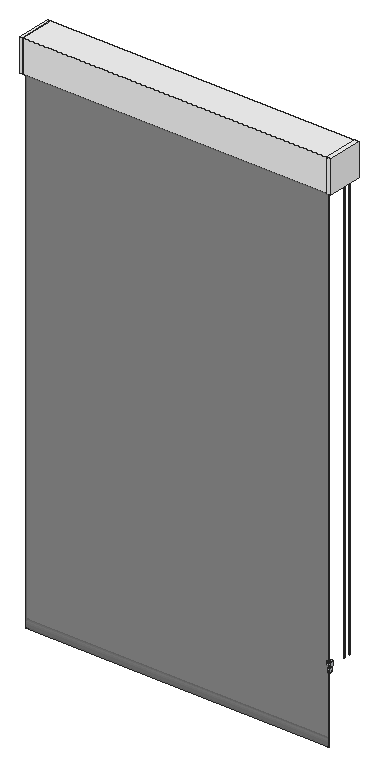
Revit family "WindowShade_RolleaseAcmeda_ContractSeries_6inPocket_R20", category Specialty Equipment, host Wall, Revit 2020
Family settings
  Host = Wall
  Round Connector Dimension = Use Diameter
  Part Type = Normal
  Always vertical = Yes
  Cut with Voids When Loaded = Yes
  Shared = No
  Room Calculation Point = No
Parameters (values of type "5'W x 8'Drop - Manual Left - White")
  Weight Bar = RA - FINISH - WHITE
  URL = "https://www.rolleaseacmedacontract.com/resources/"
  Shade Width Calc = if(Input Bracket Width < 1' 6", 1' 6", if(Input Bracket Width > 12' 0", 12' 0", Input Bracket Width))  # 5' - 0"
  Model = "RA - Contract Series"
  Manufacturer = "Rollease Acmeda"
  Input Bracket Width = 5' - 0"
  Shade Fabric = RA - FABRIC - AMBIENT REVIEW
  Shade Drop Calc = if(Input Shade Drop < 0' 0", 1' 0" / 12, if(Input Shade Drop > 12' 0", 12' 0", Input Shade Drop))  # 8' - 0"
  Input Shade Drop = 8' - 0"
  Description = "RAC Series 1 - 6\" Pocket"
  Contact Email = "contract@rolleaseacmeda.com"
  Drive Motorized Calc = and(not([Drive Manual LH (Select One)]), not([Drive Manual RH (Select One)]))  # no
  Drive Manual Right Calc = and(not([Drive Manual LH (Select One)]), not([Drive Motorized (Select One)]))  # no
  Drive Manual Left Calc = and(not([Drive Manual RH (Select One)]), not([Drive Motorized (Select One)]))  # yes
  Drive Manual RH (Select One) = no
  Drive Manual LH (Select One) = yes
  Header Finish = RA - FINISH - WHITE
  Drive Motorized (Select One) = no
  Default Elevation = 10' - 0"
  Contact Phone = "1-800-552-5100"
  Chain Length = Shade Drop Calc * 0.85  # 6' - 9.6"
  Drop Bar Silent Weight = no
  Drop Bar Internal Hem = not(Drop Bar Silent Weight)  # yes
Types (3): name | Drive Motorized Calc | Drive Manual Right Calc | Drive Manual Left Calc | Drive Manual RH (Select One) | Drive Manual LH (Select One) | Drive Motorized (Select One)
  5'W x 8'Drop - Manual Left - White | no | no | yes | no | yes | no
  5'W x 8'Drop - Manual Right - White | no | yes | no | yes | no | no
  5'W x 8'Drop - Motorized - White | yes | no | no | no | no | yes
Reference planes (in)
  plane 1: y = 0
  plane 2 "Center (Left/Right)": x = 0
  plane 3 "Back": y = 3
  plane 4 "B.O. Ceiling": z = 51.22662
  plane 5 "B.O. Shade": z = -44.77338
  plane 6: x = 30
  plane 7: x = -30
  plane 8: x = 29.19
  plane 9: x = -29.19
Forms (in)
  Extrusion 1, solid, material "RA - FABRIC - AMBIENT REVIEW" <- "Shade Fabric"
    sketch origin (0, 3, -30) x (1, 0, 0) y (0, 0, 1)
      loop
        line (29.19, 81.22662) -> (-29.19, 81.22662) -> (-29.19, -14.77338) -> (29.19, -14.77338) -> (29.19, 81.22662)
    from -0.5 to -0.625
  Sweep 2, solid, material "RA - FABRIC - AMBIENT REVIEW" <- "Shade Fabric", visible <- "Drop Bar Internal Hem", detail levels fine
    path in 3D
      loop
        line (29.19, 3.625, -44.77338) -> (-29.19, 3.625, -44.77338)
    profile "PROFILE - SEALED HEM : PROFILE - SEALED HEM" origin (0, 3.625, -44.77338) x (0, 1, 0) y (0, 0, -1)
      loop
        arc (-0.04652, -0.00918) -> (-0.21009, -0.8709) -> (-0.06158, -1.73535) r 2.46494
        line (-0.06158, -1.73535) -> (0.0003, -1.73535)
        arc (0.0003, -1.73535) -> (0.14882, -0.8709) -> (-0.01476, -0.00918) r 2.46494
        arc (-0.01476, -0.00918) -> (-0.03064, 0.00091) -> (-0.04652, -0.00918) r 0.01753
  Sweep 3, solid, material "RA - FINISH - WHITE" <- "Weight Bar", visible <- "Drop Bar Silent Weight", detail levels fine
    path in 3D
      loop
        line (29.19, 3.625, -44.77338) -> (-29.19, 3.625, -44.77338)
    profile "PROFILE - WEIGHTED DROP : PROFILE - WEIGHTED DROP" origin (0, 3.625, -44.77338) x (0, 1, 0) y (0, 0, -1)
      loop
        arc (0.17315, -1.26562) -> (0.2326, -0.91458) -> (0.23882, -0.55859) r 2.37109
        line (0.23882, -0.55859) -> (0.19081, -0.55859) -> (0.19081, -0.49609) -> (0.23438, -0.49609)
        arc (0.23438, -0.49609) -> (0.21114, -0.30933) -> (0.17315, -0.125) r 2.37109
        line (0.17315, -0.125) -> (0.0158, -0.125) -> (0.0158, 0) -> (-0.07014, 0) -> (-0.07014, -0.125) -> (-0.34638, -0.125) -> (-0.34638, -1.26562) -> (0.17315, -1.26562)
Lines and regions (in)
  sketch lines
    curve 1: line (29.19, 3.625, -44.77338) -> (-29.19, 3.625, -44.77338)
    curve 2: line (29.19, 3.625, -44.77338) -> (-29.19, 3.625, -44.77338)
Text (in)
  text "Placement Side" at (0, 40.15149, 123.01588), in view "Right"
  text "Placement Side" at (-58.6842, 42.74981, 0), in view "Ref. Level"
  text "Placement Side" at (0, 47.49176, 140.59947), in view "Left"
Dimensions and locks (in)
  locked: plane 3 "Back" to host wall
  "Shade Drop Calc": plane 5 "B.O. Shade" to plane 4 "B.O. Ceiling"
  "Shade Drop Calc": Extrusion 1 sketch curve to Extrusion 1 sketch curve
  locked: nested 5 to plane 9 at 0.375
  "Chain Length": nested 5 to plane 4 "B.O. Ceiling"
  locked: nested 9 to plane 8 at 0.375
  "Chain Length": nested 9 to plane 4 "B.O. Ceiling"
  equal spacing: plane 6, plane 2 "Center (Left/Right)", plane 7
  "Shade Width Calc": plane 6 to plane 7
  locked: plane 6 to plane 8 at 0.81
  locked: plane 9 to plane 7 at 0.81
  aligned and locked: nested 1 to plane 4 "B.O. Ceiling"
  aligned and locked: plane 6 to nested 11
  aligned and locked: plane 6 to nested 3
  aligned and locked: nested 7 to plane 6
  aligned and locked: plane 7 to nested 6
  aligned and locked: nested 10 to plane 7
  aligned and locked: nested 2 to plane 7
  aligned and locked: Extrusion 1 sketch curve to plane 8
  aligned and locked: plane 9 to Extrusion 1 sketch curve
Automatic sketch dimensions
  Extrusion 1 sketch curve to plane 5 "B.O. Shade" = 0' - 0"
Nested families (in)
  nested 1: "2.0GeneralHeader" at (0, 3, 54.62404) x (-1, 0, 0) z (0, 1, 0), type "2.0GeneralHeader"
    with Header Height 0' - 6 77/256", Header Depth 0' - 6 161/256"
  nested 2: "2.0PocketHeaderCapChain" at (-30, 3, 55.78233) x (-1, 0, 0) z (0, 1, 0), visible <- "Drive Manual Right Calc", type "2.0PocketHeaderCapChain"
    with Header Height 0' - 6 77/256", Header Depth 0' - 6 161/256"
  nested 3: "2.0PocketHeaderCap" at (30, 3, 52.9717) x (1, 0, 0) z (0, 1, 0), visible <- "Drive Manual Right Calc", type "2.0PocketHeaderCap"
    with Header Height 0' - 6 77/256", Header Depth 0' - 6 161/256"
  nested 4: "PULL CHAIN2" at (-29.5314, 6.66984, 51.22662) x (-1, 0, 0) z (0, 0, -1), visible <- "Drive Manual Right Calc", type "PULL CHAIN2", detail levels fine
    with CHAIN LENGTH 6' - 9.6"
  nested 5: "CHAIN HOLDER" at (-29.565, 3, -30.37338) x (1, 0, 0) z (0, 1, 0), visible <- "Drive Manual Right Calc", type "CHAIN HOLDER", detail levels fine
  nested 6: "2.0PocketHeaderCap" at (-30, 3, 52.9717) x (-1, 0, 0) z (0, 1, 0), visible <- "Drive Manual Left Calc", type "2.0PocketHeaderCap"
    with Header Height 0' - 6 77/256", Header Depth 0' - 6 161/256"
  nested 7: "2.0PocketHeaderCapChain" at (30, 3, 55.78233) x (1, 0, 0) z (0, 1, 0), visible <- "Drive Manual Left Calc", type "2.0PocketHeaderCapChain"
    with Header Height 0' - 6 77/256", Header Depth 0' - 6 161/256"
  nested 8: "PULL CHAIN2" at (29.6314, 6.66984, 51.22662) x (1, 0, 0) z (0, 0, -1), visible <- "Drive Manual Left Calc", type "PULL CHAIN2", detail levels fine
    with CHAIN LENGTH 6' - 9.6"
  nested 9: "CHAIN HOLDER" at (29.565, 3, -30.37338) x (1, 0, 0) z (0, 1, 0), visible <- "Drive Manual Left Calc", type "CHAIN HOLDER", detail levels fine
  nested 10: "2.0PocketHeaderCapChain" at (-30, 3, 55.78233) x (-1, 0, 0) z (0, 1, 0), visible <- "Drive Motorized Calc", type "2.0PocketHeaderCapChain"
    with Header Height 0' - 6 77/256", Header Depth 0' - 6 161/256"
  nested 11: "2.0PocketHeaderCap" at (30, 3, 52.9717) x (1, 0, 0) z (0, 1, 0), visible <- "Drive Motorized Calc", type "2.0PocketHeaderCap"
    with Header Height 0' - 6 77/256", Header Depth 0' - 6 161/256"
Definition of nested family "2.0GeneralHeader"
  Parameters (values of type "2.0GeneralHeader")
    Header Width = 5' - 0"
    Header Height = 0' - 3 59/128"
    Header Finish = none
    Header Depth = 0' - 3 37/128"
    Default Elevation = 4' - 0"
  Reference planes (in)
    plane 1 "Center (Front/Back)": y = 0
    plane 2: z = 0
    plane 3 "Center (Left/Right)": x = 0
    plane 4: x = -30
    plane 5: x = 30
    plane 6: y = 2.90336
    plane 7: y = -0.55757
    plane 8: z = 3.28906
  Forms (in)
    Extrusion 1, solid, material <- "Header Finish"
      sketch origin (0, 0, 0) x (1, 0, 0) y (0, 1, 0)
        loop
          line (-30, -0.55757) -> (30, -0.55757) -> (30, 2.90336) -> (-30, 2.90336) -> (-30, -0.55757)
      from 0 to 3.28906
    Extrusion 2, void
      sketch origin (0, 0, 0) x (1, 0, 0) y (0, 1, 0)
        loop
          line (-30, -0.55757) -> (30, -0.55757) -> (30, 2.90336) -> (-30, 2.90336) -> (-30, -0.55757)
      from 0 to 3.28906
  Lines and regions (in)
    Masking region 1
      outline origin (0, 0, 0) x (1, 0, 0) y (0, 1, 0)
        loop
          line (-30, 2.90336) -> (-30, -0.55757) -> (30, -0.55757) -> (30, 2.90336) -> (-30, 2.90336)
  Dimensions and locks (in)
    "Header Width": plane 4 to plane 5
    "Header Height": plane 7 to plane 6
    "Header Depth": plane 8 to plane 2
    equal spacing: plane 4, plane 3 "Center (Left/Right)", plane 5
    aligned and locked: plane 2 to level
    aligned and locked: plane 4 to Extrusion 1
    aligned and locked: Extrusion 1 to plane 5
    aligned and locked: Extrusion 1 to plane 6
    aligned and locked: Extrusion 1 to plane 7
    aligned and locked: plane 8 to Extrusion 1
    aligned and locked: plane 4 to Masking region 1
    aligned and locked: Masking region 1 to plane 7
    aligned and locked: Masking region 1 to plane 6
    aligned and locked: Masking region 1 to plane 5
    aligned and locked: plane 4 to Extrusion 2 sketch curve
    aligned and locked: Extrusion 2 sketch curve to plane 5
    aligned and locked: Extrusion 2 to Extrusion 1  (x2)
    aligned and locked: Extrusion 1 to Extrusion 2
  Automatic sketch dimensions
    Extrusion 1 sketch curve to plane 4 = 0' - 0"
    plane 5 to Extrusion 1 sketch curve = 0' - 0"
    Extrusion 1 sketch curve to plane 7 = 0' - 0"
    plane 6 to Extrusion 1 sketch curve = 0' - 0"
    Masking region 1 sketch curve to plane 4 = 0' - 0"
    plane 5 to Masking region 1 sketch curve = 0' - 0"
    Masking region 1 sketch curve to plane 7 = 0' - 0"
    plane 6 to Masking region 1 sketch curve = 0' - 0"
    plane 6 to Extrusion 2 sketch curve = 0' - 0"
    Extrusion 2 sketch curve to Extrusion 2 sketch curve = 0' - 3 59/128"
Definition of nested family "2.0PocketHeaderCapChain"
  Parameters (values of type "2.0PocketHeaderCapChain")
    Header Height = 0' - 5 77/256"
    Header Finish = none
    Header Depth = 0' - 5 161/256"
    Default Elevation = 4' - 0"
  Reference planes (in)
    plane 1 "Center (Front/Back)": y = 0
    plane 2: z = 0
    plane 3 "Center (Left/Right)": x = 0
    plane 4: x = -0.81
    plane 5: y = 1.74507
    plane 6: y = -3.55571
    plane 7: z = 5.62891
    plane 8: y = 1.80757
    plane 9: z = 5.69141
    plane 10: y = -3.61821
  Forms (in)
    Extrusion 1, solid, material <- "Header Finish"
      sketch origin (0, 0, 0) x (1, 0, 0) y (0, 1, 0)
        loop
          line (-0.81, -3.55571) -> (0, -3.55571) -> (0, 1.74507) -> (-0.81, 1.74507) -> (-0.81, -3.55571)
      from 0 to 5.62891
  Lines and regions (in)
    Masking region 1
      outline origin (0, 0, 0) x (1, 0, 0) y (0, 1, 0)
        loop
          line (-0.81, 1.74507) -> (-0.81, -3.55571) -> (0, -3.55571) -> (0, 1.74507) -> (-0.81, 1.74507)
  Dimensions and locks (in)
    "Header Height": plane 6 to plane 5
    "Header Depth": plane 7 to plane 2
    locked: plane 4 to plane 3 "Center (Left/Right)" at 0.81
    plane 9 to plane 7 = 0' - 0 1/16"
    plane 6 to plane 10 = 0' - 0 1/16"
    plane 8 to plane 5 = 0' - 0 1/16"
    aligned and locked: plane 2 to level
    aligned and locked: plane 4 to Extrusion 1
    aligned and locked: Extrusion 1 to plane 5
    aligned and locked: plane 6 to Extrusion 1
    aligned and locked: plane 7 to Extrusion 1
    aligned and locked: plane 4 to Masking region 1
    aligned and locked: plane 6 to Masking region 1
    aligned and locked: Masking region 1 to plane 5
    aligned and locked: plane 3 "Center (Left/Right)" to Extrusion 1
    aligned and locked: plane 3 "Center (Left/Right)" to Masking region 1
  Automatic sketch dimensions
    Extrusion 1 sketch curve to plane 4 = 0' - 0"
    Extrusion 1 sketch curve to plane 6 = 0' - 0"
    plane 5 to Extrusion 1 sketch curve = 0' - 0"
    Masking region 1 sketch curve to plane 4 = 0' - 0"
    Masking region 1 sketch curve to plane 6 = 0' - 0"
    plane 5 to Masking region 1 sketch curve = 0' - 0"
    plane 3 "Center (Left/Right)" to Extrusion 1 sketch curve = 0' - 0"
    Masking region 1 sketch curve to plane 3 "Center (Left/Right)" = 0' - 0"
Definition of nested family "2.0PocketHeaderCap"
  Parameters (values of type "2.0PocketHeaderCap")
    Header Height = 0' - 5 77/256"
    Header Finish = none
    Header Depth = 0' - 5 161/256"
    Default Elevation = 4' - 0"
  Reference planes (in)
    plane 1 "Center (Front/Back)": y = 0
    plane 2: z = 0
    plane 3 "Center (Left/Right)": x = 0
    plane 4: x = -0.46
    plane 5: y = 1.74507
    plane 6: y = -3.55571
    plane 7: z = 5.62891
    plane 8: y = 1.80757
    plane 9: z = 5.69141
    plane 10: y = -3.61821
  Forms (in)
    Extrusion 1, solid, material <- "Header Finish"
      sketch origin (0, 0, 0) x (1, 0, 0) y (0, 1, 0)
        loop
          line (-0.46, -3.55571) -> (0, -3.55571) -> (0, 1.74507) -> (-0.46, 1.74507) -> (-0.46, -3.55571)
      from 0 to 5.62891
  Lines and regions (in)
    Masking region 1
      outline origin (0, 0, 0) x (1, 0, 0) y (0, 1, 0)
        loop
          line (-0.46, 1.74507) -> (-0.46, -3.55571) -> (0, -3.55571) -> (0, 1.74507) -> (-0.46, 1.74507)
  Dimensions and locks (in)
    "Header Height": plane 6 to plane 5
    "Header Depth": plane 7 to plane 2
    locked: plane 4 to plane 3 "Center (Left/Right)" at 0.46
    plane 9 to plane 7 = 0' - 0 1/16"
    plane 6 to plane 10 = 0' - 0 1/16"
    plane 8 to plane 5 = 0' - 0 1/16"
    aligned and locked: plane 2 to level
    aligned and locked: plane 4 to Extrusion 1
    aligned and locked: Extrusion 1 to plane 5
    aligned and locked: plane 6 to Extrusion 1
    aligned and locked: plane 7 to Extrusion 1
    aligned and locked: plane 4 to Masking region 1
    aligned and locked: plane 6 to Masking region 1
    aligned and locked: Masking region 1 to plane 5
    aligned and locked: plane 3 "Center (Left/Right)" to Extrusion 1
    aligned and locked: plane 3 "Center (Left/Right)" to Masking region 1
  Automatic sketch dimensions
    Extrusion 1 sketch curve to plane 4 = 0' - 0"
    Extrusion 1 sketch curve to plane 6 = 0' - 0"
    plane 5 to Extrusion 1 sketch curve = 0' - 0"
    Masking region 1 sketch curve to plane 4 = 0' - 0"
    Masking region 1 sketch curve to plane 6 = 0' - 0"
    plane 5 to Masking region 1 sketch curve = 0' - 0"
    plane 3 "Center (Left/Right)" to Extrusion 1 sketch curve = 0' - 0"
    Masking region 1 sketch curve to plane 3 "Center (Left/Right)" = 0' - 0"
Definition of nested family "PULL CHAIN2"
  Parameters (values of type "PULL CHAIN2")
    MANUAL DRIVE CHAIN = yes
    Default Elevation = 4' - 0"
    CHAIN LENGTH = 4' - 0"
  Reference planes (in)
    plane 1 "Center (Front/Back)": y = 0
    plane 2 "bottom": z = 0
    plane 3 "Center (Left/Right)": x = 0
    plane 4 "top": z = 48
  Forms (in)
    Extrusion 1, solid
      sketch origin (0, 0, 0) x (1, 0, 0) y (0, 1, 0)
        loop
          circle (0, 0) r 0.0625
        loop
          circle (0, 1.25) r 0.0625
      from 0 to 48
  Dimensions and locks (in)
    plane 4 "top" to plane 2 "bottom" = 4' - 0"
    "CHAIN LENGTH": plane 4 "top" to plane 2 "bottom"
    aligned and locked: plane 2 "bottom" to level
    aligned and locked: plane 4 "top" to Extrusion 1
    aligned and locked: Extrusion 1 to plane 2 "bottom"
  Automatic sketch dimensions
    Extrusion 1 sketch curve to plane 3 "Center (Left/Right)" = 0' - 0"  (x2)
    plane 1 "Center (Front/Back)" to Extrusion 1 sketch curve = 0' - 0"
    Extrusion 1 sketch curve to Extrusion 1 sketch curve = 0' - 1 1/4"
    radius of Extrusion 1 sketch curve = 0' - 0 1/16"  (x2)
Definition of nested family "CHAIN HOLDER"
  Parameters (values of type "CHAIN HOLDER")
    Default Elevation = 4' - 0"
  Reference planes (in)
    plane 1 "Center (Front/Back)": y = 0
    plane 2: z = 0
    plane 3 "Center (Left/Right)": x = 0
  Forms (in)
    Extrusion 1, solid
      sketch origin (0, -0.90475, 0) x (1, 0, 0) y (0, 1, 0)
        loop
          line (-0.15144, 0) -> (0.15144, 0)
          arc (0.15144, 0) -> (0.30013, 0.06647) -> (0.34975, 0.2216) r 0.19953
          line (0.34975, 0.2216) -> (0.16523, 1.87945)
          arc (0.16523, 1.87945) -> (0.12687, 1.95389) -> (0.04865, 1.98378) r 0.1173
          line (0.04865, 1.98378) -> (-0.04865, 1.98378)
          arc (-0.04865, 1.98378) -> (-0.12687, 1.95389) -> (-0.16523, 1.87945) r 0.1173
          line (-0.16523, 1.87945) -> (-0.34975, 0.2216)
          arc (-0.34975, 0.2216) -> (-0.30013, 0.06647) -> (-0.15144, 0) r 0.19953
        loop
          circle (0, 0.2615) r 0.125
        loop
          circle (0, 1.66775) r 0.125
      from 0 to 0.5
    Extrusion 2, void
      sketch origin (0, -0.90475, 0) x (1, 0, 0) y (0, 1, 0)
        loop
          line (-0.3577, 1.23378) -> (-0.3577, 0.65475) -> (0.3436, 0.65475) -> (0.3436, 1.23378) -> (-0.3577, 1.23378)
      from 0 to 0.375
  Cuts and joins
    Extrusion 2 cuts Extrusion 1
  Dimensions and locks (in)
    aligned and locked: plane 2 to level
